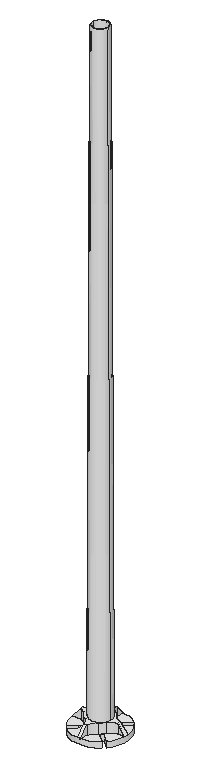
Revit family "BD4-3TPS10", category Generic Models, Revit 2014
Parameters
  TAPERED = Aluminum
  CAST BASE = Aluminum 5005
Reference planes (in)
  plane 1 "Center (Front/Back)": y = 0
  plane 2: z = 0
  plane 3 "Center (Left/Right)": x = 0
  plane 4: z = 120
Forms (in)
  Extrusion 1, solid, material "Aluminum 5005" <- "CAST BASE"
    sketch origin (0, 17.95708, -18.81671) x (1, 0, 0) y (0, 1, 0)
      loop
        line (-3.26041, -14.16634) -> (-2.07713, -15.34963)
        arc (-2.07713, -15.34963) -> (-2.07713, -15.87996) -> (-2.60746, -15.87996) r 0.375
        line (-2.60746, -15.87996) -> (-3.79074, -14.69667)
        arc (-3.79074, -14.69667) -> (-5, -17.95708) -> (-3.79074, -21.21749) r 5
        line (-3.79074, -21.21749) -> (-2.60746, -20.03421)
        arc (-2.60746, -20.03421) -> (-2.07713, -20.03421) -> (-2.07713, -20.56454) r 0.375
        line (-2.07713, -20.56454) -> (-3.26041, -21.74782)
        arc (-3.26041, -21.74782) -> (0, -22.95708) -> (3.26041, -21.74782) r 5
        line (3.26041, -21.74782) -> (2.07713, -20.56454)
        arc (2.07713, -20.56454) -> (2.07713, -20.03421) -> (2.60746, -20.03421) r 0.375
        line (2.60746, -20.03421) -> (3.79074, -21.21749)
        arc (3.79074, -21.21749) -> (5, -17.95708) -> (3.79074, -14.69667) r 5
        line (3.79074, -14.69667) -> (2.60746, -15.87996)
        arc (2.60746, -15.87996) -> (2.07713, -15.87996) -> (2.07713, -15.34963) r 0.375
        line (2.07713, -15.34963) -> (3.26041, -14.16634)
        arc (3.26041, -14.16634) -> (0, -12.95708) -> (-3.26041, -14.16634) r 5
    from 18.81671 to 19.81671
  Extrusion 2, solid, material "Aluminum 5005" <- "CAST BASE"
    sketch origin (0, 17.95708, -18.81671) x (1, 0, 0) y (0, 1, 0)
      loop
        arc (2.08036, -19.22733) -> (2.69223, -18.59603) -> (3.5157, -18.28811) r 2
        line (3.5157, -18.28811) -> (3.5157, -17.62605)
        arc (3.5157, -17.62605) -> (2.69223, -17.31813) -> (2.08036, -16.68684) r 2
        arc (2.08036, -16.68684) -> (1.72357, -16.23351) -> (1.27025, -15.87673) r 2.4375
        arc (1.27025, -15.87673) -> (0.63895, -15.26486) -> (0.33103, -14.44138) r 2
        line (0.33103, -14.44138) -> (-0.33103, -14.44138)
        arc (-0.33103, -14.44138) -> (-0.63895, -15.26486) -> (-1.27025, -15.87673) r 2
        arc (-1.27025, -15.87673) -> (-1.72357, -16.23351) -> (-2.08036, -16.68684) r 2.4375
        arc (-2.08036, -16.68684) -> (-2.69223, -17.31813) -> (-3.5157, -17.62605) r 2
        line (-3.5157, -17.62605) -> (-3.5157, -18.28811)
        arc (-3.5157, -18.28811) -> (-2.69223, -18.59603) -> (-2.08036, -19.22733) r 2
        arc (-2.08036, -19.22733) -> (-1.72357, -19.68065) -> (-1.27025, -20.03744) r 2.4375
        arc (-1.27025, -20.03744) -> (-0.63895, -20.64931) -> (-0.33103, -21.47278) r 2
        line (-0.33103, -21.47278) -> (0.33103, -21.47278)
        arc (0.33103, -21.47278) -> (0.63895, -20.64931) -> (1.27025, -20.03744) r 2
        arc (1.27025, -20.03744) -> (1.72357, -19.68065) -> (2.08036, -19.22733) r 2.4375
      loop
        circle (0, -17.95708) r 2
    from 19.81671 to 21.5252
  SweptBlend 3, solid, material "Aluminum 5005" <- "CAST BASE"
    path origin (0, 0, 0) x (1, 0, 0) y (0, 0, 1)
      loop
        line (0, 1.00001) -> (0, 120)
    profile origin (0, 0, 1.00001) x (-1, 0, 0) y (0, -1, 0)
      loop
        circle (0, 0) r 2
    end profile origin (0, 0, 120) x (-1, 0, 0) y (0, -1, 0)
      loop
        circle (0, 0) r 1.5
  SweptBlend 4, void
    path origin (0, 0, 0) x (1, 0, 0) y (0, 0, 1)
      loop
        line (0, 120) -> (0, 1.00001)
    profile origin (0, 0, 120) x (0, -1, 0) y (1, 0, 0)
      loop
        circle (0, 0) r 1.375
    end profile origin (0, 0, 1.00001) x (0, -1, 0) y (1, 0, 0)
      loop
        circle (0, 0) r 1.875
  Extrusion 5, solid, material "Aluminum 5005" <- "CAST BASE"
    sketch origin (0, 0, 0) x (1, 0, 0) y (0, 0, 1)
      loop
        line (-3.5157, 2.70849) -> (-4.9375, 1.00001) -> (-3.5157, 1.00001) -> (-3.5157, 2.70849)
    from -0.33103 to 0.33103
  Extrusion 6, solid, material "Aluminum 5005" <- "CAST BASE"
    sketch origin (0, 0, 0) x (-1, 0, 0) y (0, 0, -1)
      loop
        line (-3.5157, -2.70849) -> (-3.5157, -1.00001) -> (-4.9375, -1.00001) -> (-3.5157, -2.70849)
    from -0.33103 to 0.33103
  Extrusion 7, solid, material "Aluminum 5005" <- "CAST BASE"
    sketch origin (0, 0, 0) x (0, 1, 0) y (0, 0, 1)
      loop
        line (-3.5157, 2.70849) -> (-4.9375, 1.00001) -> (-3.5157, 1.00001) -> (-3.5157, 2.70849)
    from -0.33103 to 0.33103
  Extrusion 8, solid, material "Aluminum 5005" <- "CAST BASE"
    sketch origin (0, 0, 0) x (0, -1, 0) y (0, 0, -1)
      loop
        line (-3.5157, -2.70849) -> (-3.5157, -1.00001) -> (-4.9375, -1.00001) -> (-3.5157, -2.70849)
    from -0.33103 to 0.33103
Cuts and joins
  SweptBlend 4 cuts Extrusion 1
  SweptBlend 4 cuts Extrusion 2
  SweptBlend 4 cuts SweptBlend 3
  joined: Extrusion 1, Extrusion 2, SweptBlend 3, Extrusion 5, Extrusion 6, Extrusion 7, Extrusion 8
Dimensions and locks (in)
  aligned and locked: plane 2 to level
